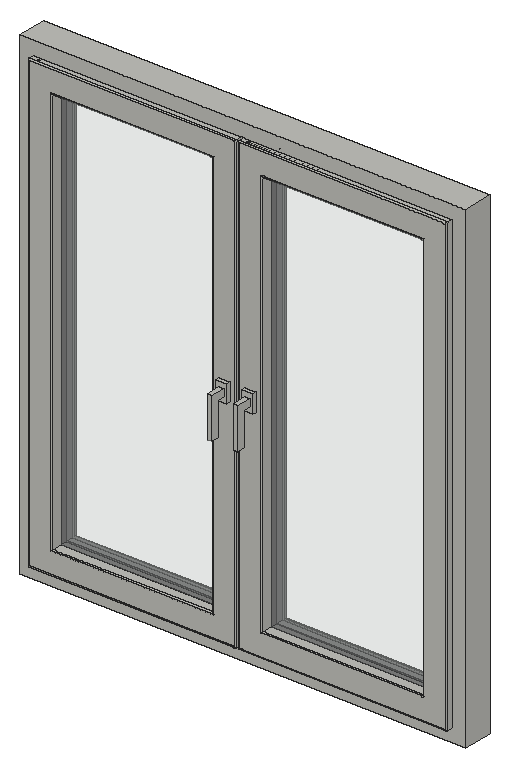
Revit family "2021_ES_Ventana_Replus_E80-PVC-i30_11204_2 Hojas Oscilobatientes", category Ventanas, Revit 2021
Family settings
  Anfitrión = Muro
  Número OmniClass = 23.30.20.00
  Título OmniClass = Windows
  Siempre vertical = Sí
  Corte con vacíos al cargar = No
  Compartido = No
  Punto de cálculo de habitación = No
Parameters (values of type "11204")
  Ι_Wll Thcknss [instance] = 200.000 mm
  Ι_Wdth Cntrl = if(Anchura < 791.000 mm, 791.000 mm, if(Anchura > 2961.000 mm, 2961.000 mm, Anchura))  # 1200.000 mm
  Ι_Nst Cntrl [instance] = if(Retranqueo > Ι_Wll Thcknss - 80.000 mm, Ι_Wll Thcknss - 80.000 mm, if(Retranqueo = Ι_Wll Thcknss - 80.000 mm, Ι_Wll Thcknss - 80.000 mm, Retranqueo))  # 0.000 mm
  Ι_Hndl Hght Cntrl = if(Altura de Manilla < 200.000 mm, 200.000 mm, if(Altura de Manilla > Ι_Hght Cntrl - 150.000 mm, Ι_Hght Cntrl - 150.000 mm, Altura de Manilla))  # 650.000 mm
  Ι_Hght Cntrl = if(Altura < 429.000 mm, 429.000 mm, if(Altura > 2658.000 mm, 2658.000 mm, Altura))  # 1300.000 mm
  Zona = ""
  Visibilidad Líneas Apertura - Planta = yes
  Visibilidad Líneas Apertura - Alzado = yes
  Vida Util Esperada = ""
  Version Estandar GDO-BIM = "GDO-BIM V02"  # constant formula
  Version = "RVT2021"  # constant formula
  Verano de transmitancia termica = 0
  Unidad Medicion = ""
  Unidad = ""
  Uniclass2015 Titulo = ""
  Uniclass2015 Codigo = ""
  URL de Declaracion de Prestaciones = ""
  URL Producto = "https://replus.es/bim/"
  URL Perfil BIM = "https://bimetica.com/es/objeto-bim-replus-ventana-re80-pvc-i30-2-hojas-oscilobatientes-11109.html"
  URL = "https://replus.es/"
  UNSPSC Titulo = "Windows"  # constant formula
  UNSPSC Codigo = "30171600"  # constant formula
  Transmitancia termica invierno = 0
  Transmitancia solar = 0
  Transmitancia de ganancia de calor solar = 0
  Transmision de luz visible = 0
  Titular = "Regicarp, S.L."  # constant formula
  Tipo Embalaje Proteccion = ""
  Tiene antepecho interno = yes
  Tiene antepecho externo = yes
  Tiempo Util De Vida = ""
  Tiempo Medio Entre Fallos = ""
  Telefono Contacto = "+34 966544310"  # constant formula
  Soporte tecnico BIM = "https://bimsupport.info/es/fabricantes/regicarp-replus-bim/"
  Sistema = ""
  Serie = ""
  Responsable Seguridad = ""
  Responsable Prescripcion = ""
  Responsable Compra = ""
  Residuos Peligrosos por Unidad = 0
  Residuos No Peligrosos por Unidad = 0
  Residuo Radioactivo por Unidad = 0
  Residuo Inerte por Unidad = 0
  Reflectancia solar = 0
  Reflectancia de luz visible = 0
  Referencia Unidad Funcional = ""
  Referencia Lote = ""
  Referencia Contacto Soporte Tecnico = ""
  Referencia Contacto Comercial Venta = ""
  Referencia = "RE 80/PVC/i30"
  Punto de Contacto = ""
  Proteccion con Malla = yes
  Plataforma descaga contenido BIM = "www.bimetica.com"
  Periodo Garantia = ""
  Partida URL = ""
  Pais de Venta = ""
  Omniclass Titulo = "Plastic Windows"  # constant formula
  Omniclass Codigo = "23-17 13 17"  # constant formula
  Numero de Licencia = "XXXXXXXXXX9500 / No-aportada por bimboject AB (anterior)"  # constant formula
  Numero de Declaracion de Prestaciones = ""
  Numero Serie = ""
  Numero Articulo Global Comercial = ""
  Numero Articulo = ""
  Nivel de Riesgo = ""
  Material Envoltura = ""
  Material Contenedor = ""
  Material = none
  Masterformat Titulo = "Plastic Windows"  # constant formula
  Masterformat Codigo = "08 53 00"  # constant formula
  Marcado CE = yes
  Mantenimiento = ""
  Lugar Ensamblaje = ""
  Instrucciones Especiales = ""
  Informacion Tecnica = ""
  IfcExportType = "Oscilobatiente"  # constant formula
  IfcExportAs = "IfcWindow"  # constant formula
  Identificador Garantia = ""
  Historial = "(RVT2021) Creacion de Elemento."  # constant formula
  Gubimclass Titulo = "Ventanas de fachadas"  # constant formula
  Gubimclass Codigo = "30.10.20.10"  # constant formula
  Gas de Relleno = ""
  Garantia Extendida = yes
  Fuente Datos LCA = ""
  Formacion Fotoquimica Ozono por Unidad = 0
  Fecha Vencimiento Elemento BIM = ""
  Fecha Suministro = ""
  Fecha Inicio Garantia = ""
  Fecha Fin Garantia = ""
  Fecha Evaluacion = ""
  Fecha Emision Elemento BIM = ""
  Fecha Compra = ""
  Fecha Colocacion = ""
  Fase Ciclo Vida = ""
  Falta de Recursos por Unidad = 0
  Exclusiones = ""
  Eutrofizacion por Unidad = 0
  Etiqueta Modelo = ""
  Estandar seguridad = ""
  Espesor de vidrio 3 = 0.000 mm
  Espesor de vidrio 2 = 0.000 mm
  Espesor de vidrio 1 = 0.000 mm
  Espacio libre acceso = 0.000 mm
  Espacio = ""
  Es templado = yes
  Es recubierto = yes
  Es laminado = yes
  Es Exterior = yes
  Es Accesible = yes
  Energia consumida = 0
  Energia Renovable Consumida por Unidad = 0
  Energia Primaria Total Consumida por Unidad = 0
  Energia No Renovable Consumida por Unidad = 0
  Email Contacto = "info@replus.es"  # constant formula
  Destruccion Capa Ozono Estratosferica por Unidad = 0
  Descripcion Evaluacion = ""
  Dependiente De = ""
  Declaracion Ambiental de Producto URL = ""
  Creditos LEED = ""
  Creditos BREEAM = ""
  Coste Mantenimiento = 0
  Contenido Garantia = ""
  Contacto = ""
  Condiciones de Venta = ""
  Condiciones Evaluacion = ""
  Color de vidrio = ""
  Coeficiente de sombreado = 0
  Codigo Barras = ""
  Codigo = ""
  Clasificacion de carga de viento = ""
  Capas de vidrio = 0
  Cambio Climatico por Unidad = 0
  COBie Categoria = "IfcWindow"
  Base Precio Producto 03 = ""
  Base Precio Producto 02 = ""
  Base Precio Producto 01 = ""
  Autor = "Bimetica Parametric Design Services S.L. (actual) / bimobject AB (anterior)"
  Ano Produccion = ""
  Anchura aproximada = Ι_Wdth Cntrl + 2 * Hueco  # 1220.000 mm
  Altura minima requerida = 0.000 mm
  Altura aproximada = Ι_Hght Cntrl + 2 * Hueco  # 1320.000 mm
  Retranqueo [instance] = 0.000 mm
  Product Material = PVC - Replus - 9152 - White
  Modelo = "11204"
  Material secondary = "Glass"
  Material main = "PVC"
  Fabricante = "Replus"
  Nota clave = "08500"
  I_Lf_Cntrl = (Ι_Wdth Cntrl - 2.000 mm * 36.8 - 6.000 mm) / 2  # 560.200 mm
  I_Glss_Wdth = (Ι_Wdth Cntrl - 2.000 mm * 36.8 - 6.000 mm) / 2 - (79.000 mm * 2)  # 402.200 mm
  Hueco = 10.000 mm
  Altura = 1300.000 mm
  Exceso Dimensiones = or(and(Altura < 429.000 mm, Advertencia Dimensión), and(Anchura < 791.000 mm, Advertencia Dimensión), and(Anchura > 2961.000 mm, Advertencia Dimensión), and(Altura > 2658.000 mm, Advertencia Dimensión))  # no
  Edition number = 1
  Descripción = "Perfiles de hoja oculta en PVC, mejorando sustancialmente el campo visual, con triple junta (mediante junta rigida en el marco) protegiendo de esta manera todos los puntos de cierre, aumentando la seguridad y proporcionando una junta perimetral completa, con perfilería de clasificación máxima S-II-A"
  Default Sill Height = 800.000 mm
  Cierre de muro = Por anfitrión
  Anchura = 1200.000 mm
  Código de montaje = "B2020100"
  Construcción analítica = "<None>"
  Altura de Manilla = 650.000 mm
  Agua Consumida por Unidad = 0
  Advertencia Dimensión = yes
  Acidificacion Atmosferica por Unidad = 0
  Acabado = ""
  Absorcion solar = 0
Reference planes
  plane 1 "Center (Front/Back)": y = 0
  plane 2 "Center (Left/Right)": x = 0
  plane 3 "Left": x = -610
  plane 4 "Right": x = 610
  plane 5 "Sill": z = 800
  plane 6 "Head": z = 2120
  plane 7 "Exterior": y = 100
  plane 8 "Interior": y = -100
  plane 9: x = -600
  plane 10: x = 600
  plane 11: z = 2110
  plane 12: z = 810
  plane 13 "Inset": y = -20
  plane 14: x = -563.2
  plane 15: x = 563.2
  plane 16: z = 2073.2
  plane 17: z = 846.8
  plane 18 "fg": x = -503.2
  plane 19 "glass": y = -42.5
  plane 20: y = -46.5
  plane 21: y = -64.5
  plane 22: y = -68.5
  plane 23: y = -86.5
  plane 24: y = -90.5
  plane 25: x = 503.2
  plane 26 "fg2": z = 2025.2
  plane 27: z = 894.8
  plane 28: x = -3
  plane 29: x = 3
  plane 30: x = 63
  plane 31: x = -63
  plane 32: x = -35
  plane 33: x = 35
  plane 34: x = -300
  plane 35: x = 300
  plane 36: z = 1460
  plane 37: y = -53
  plane 38: y = -104.304
  plane 39: y = 500
  plane 40: y = -100
  plane 41: x = -46
  plane 42: x = 46
  plane 43: x = -520.2
  plane 44: x = 520.2
  plane 45: z = 2030.2
  plane 46: z = 889.8
  plane 47: z = 2009.2
  plane 48: z = 910.8
  plane 49: x = -499.2
  plane 50: x = -67
  plane 51: x = 67
  plane 52: x = 499.2
  plane 53: y = -38.5
  plane 54: y = -118.5
  plane 55 "C": y = -78.5
  plane 56 "fg3": x = -515.2
  plane 57 "5": x = -51
  plane 58 "3": x = -509.2
  plane 59 "1": z = 900.8
  plane 60 "2": z = 2019.2
  plane 61 "4": x = -57
  plane 62: x = 51
  plane 63: x = 515.2
  plane 64: x = 57
  plane 65: x = 509.2
Forms (mm)
  Sweep 1, solid, material "PVC - Replus - 9152 - White" <- "Product Material", detail levels fine
    path origin (0, -20, 0) x (-1, 0, 0) y (0, 0, 1)
      loop
        line (600, 2110) -> (-600, 2110) -> (-600, 810) -> (600, 810) -> (600, 2110)
    profile origin (-600, -20, 1460) x (1, 0, 0) y (0, 1, 0)
      loop
        line (0, -80) -> (43.8, -80)
        arc (43.8, -80) -> (44.507, -79.707) -> (44.8, -79) r 1
        line (44.8, -79) -> (44.8, -38) -> (63.811, -38) -> (63.811, -18.5) -> (75.767, -18.5)
        arc (75.767, -18.5) -> (76.56, -18.109) -> (76.733, -17.241) r 1
        line (76.733, -17.241) -> (72.709, -2.224)
        arc (72.709, -2.224) -> (71.637, -0.62) -> (69.811, 0) r 3
        line (69.811, 0) -> (0, 0) -> (0, -80)
  Extrusion 2, solid, material "Glass - Replus", detail levels fine
    sketch origin (0, 0, 0) x (1, 0, 0) y (0, 1, 0)
      loop
        line (-515.2, -42.5) -> (-515.2, -46.5) -> (-51, -46.5) -> (-51, -42.5) -> (-515.2, -42.5)
      loop
        line (-515.2, -64.5) -> (-515.2, -68.5) -> (-51, -68.5) -> (-51, -64.5) -> (-515.2, -64.5)
      loop
        line (-515.2, -86.5) -> (-515.2, -90.5) -> (-51, -90.5) -> (-51, -86.5) -> (-515.2, -86.5)
      loop
        line (51, -42.5) -> (51, -46.5) -> (515.2, -46.5) -> (515.2, -42.5) -> (51, -42.5)
      loop
        line (51, -64.5) -> (51, -68.5) -> (515.2, -68.5) -> (515.2, -64.5) -> (51, -64.5)
      loop
        line (51, -86.5) -> (51, -90.5) -> (515.2, -90.5) -> (515.2, -86.5) -> (51, -86.5)
    from 894.8 to 2025.2
  Sweep 3, solid, material "PVC - Replus - 9152 - White" <- "Product Material", detail levels fine
    path origin (0, -20, 0) x (-1, 0, 0) y (0, 0, 1)
      loop
        line (0, 2073.2) -> (0, 846.8)
    profile "Profile 05 - Inversora : Profile 05 - Inversora" origin (0, -20, 1460) x (-1, 0, 0) y (0, 1, 0)
      loop
        line (36.791, 0) -> (-38.492, 0)
        arc (-38.492, 0) -> (-39.937, -0.49) -> (-40.784, -1.758) r 2.372
        line (-40.784, -1.758) -> (-45.27, -18.5) -> (-35.296, -18.5) -> (-19.158, -18.5) -> (-19.158, -28.799) -> (-35.094, -38) -> (-10.996, -38) -> (-10.996, -58.9) -> (-8.796, -58.9) -> (-8.796, -60.9) -> (-5.696, -60.9) -> (-5.696, -59.85) -> (0.504, -59.85) -> (0.504, -74.15) -> (-6.296, -74.15) -> (-6.296, -73.1) -> (-8.796, -73.1) -> (-8.796, -75.1) -> (-10.996, -75.1) -> (-10.996, -79.5)
        arc (-10.996, -79.5) -> (-10.85, -79.854) -> (-10.496, -80) r 0.5
        line (-10.496, -80) -> (22.004, -80) -> (22.004, -79) -> (22.004, -56.25) -> (22.004, -38) -> (33.504, -38)
        arc (33.504, -38) -> (33.857, -37.854) -> (34.004, -37.5) r 0.5
        line (34.004, -37.5) -> (34.004, -20.5) -> (34.004, -18.5) -> (43.47, -18.5) -> (38.958, -1.663)
        arc (38.958, -1.663) -> (38.157, -0.464) -> (36.791, 0) r 2.243
  Sweep 4, solid, material "PVC - Replus - 9152 - White" <- "Product Material", detail levels fine
    path origin (0, -20, 0) x (-1, 0, 0) y (0, 0, 1)
      loop
        line (-563.2, 2073.2) -> (-563.2, 846.8) -> (-3, 846.8) -> (-3, 2073.2) -> (-563.2, 2073.2)
    profile origin (3, -20, 1460) x (0, 1, 0) y (-1, 0, 0)
      loop
        line (-32.5, -33) -> (-42, -33) -> (-42, -27.5) -> (-42, -20) -> (-80, -20) -> (-80, -7.5) -> (-80, 0) -> (-95.5, 0)
        arc (-95.5, 0) -> (-97.621, -0.879) -> (-98.5, -3) r 3
        line (-98.5, -3) -> (-98.5, -61)
        arc (-98.5, -61) -> (-97.621, -63.121) -> (-95.5, -64) r 3
        line (-95.5, -64) -> (-70.5, -64) -> (-70.5, -43) -> (-22.5, -43) -> (-22.5, -40.495) -> (-22.5, -33) -> (-32.5, -33)
  Sweep 5, solid, material "PVC - Replus - 9152 - White" <- "Product Material", detail levels fine
    path origin (0, -20, 0) x (-1, 0, 0) y (0, 0, 1)
      loop
        line (563.2, 2073.2) -> (3, 2073.2) -> (3, 846.8) -> (563.2, 846.8) -> (563.2, 2073.2)
    profile origin (-563.2, -20, 1460) x (1, 0, 0) y (0, 1, 0)
      loop
        line (33, -32.5) -> (33, -42) -> (27.5, -42) -> (20, -42) -> (20, -80) -> (7.5, -80) -> (0, -80) -> (0, -95.5)
        arc (0, -95.5) -> (0.879, -97.621) -> (3, -98.5) r 3
        line (3, -98.5) -> (61, -98.5)
        arc (61, -98.5) -> (63.121, -97.621) -> (64, -95.5) r 3
        line (64, -95.5) -> (64, -70.5) -> (43, -70.5) -> (43, -22.5) -> (40.495, -22.5) -> (33, -22.5) -> (33, -32.5)
  Sweep 6, solid, material "PVC - Replus - 9152 - White" <- "Product Material", detail levels medium
    path origin (0, -20, 0) x (-1, 0, 0) y (0, 0, 1)
      loop
        line (0, 846.8) -> (0, 2073.2)
    profile origin (0, -20, 1460) x (1, 0, 0) y (0, 1, 0)
      loop
        line (-43.202, 0) -> (-43.202, -18.5) -> (-36, -18.5) -> (-36, -19.5) -> (-36, -42) -> (-23.004, -42) -> (-23.004, -80) -> (23, -80) -> (23, -58.9) -> (23, -42) -> (36, -42) -> (36, -38.377) -> (36, -18.5) -> (41.196, -18.5) -> (44.198, -18.5) -> (44.198, 0) -> (-43.202, 0)
  Sweep 7, solid, material "PVC - Replus - 9152 - White" <- "Product Material", detail levels medium
    path origin (0, -20, 0) x (-1, 0, 0) y (0, 0, 1)
      loop
        line (600, 2110) -> (-600, 2110) -> (-600, 810) -> (600, 810) -> (600, 2110)
    profile origin (-600, -20, 1460) x (1, 0, 0) y (0, 1, 0)
      loop
        line (0, -80) -> (56.8, -80) -> (56.8, -42) -> (69.8, -42) -> (69.8, -18.5) -> (76.662, -18.5) -> (76.662, 0) -> (0, 0) -> (0, -80)
  Sweep 8, solid, material "PVC - Replus - 9152 - White" <- "Product Material", detail levels medium
    path origin (0, -20, 0) x (-1, 0, 0) y (0, 0, 1)
      loop
        line (563.2, 2073.2) -> (3, 2073.2) -> (3, 846.8) -> (563.2, 846.8) -> (563.2, 2073.2)
    profile origin (-563.2, -20, 1460) x (1, 0, 0) y (0, 1, 0)
      loop
        line (20, -42) -> (20, -80) -> (0, -80) -> (0, -98.5) -> (64, -98.5) -> (64, -70.5) -> (43, -70.5) -> (43, -22.5) -> (33, -22.5) -> (33, -42) -> (20, -42)
  Sweep 9, solid, material "PVC - Replus - 9152 - White" <- "Product Material", detail levels medium
    path origin (0, -20, 0) x (-1, 0, 0) y (0, 0, 1)
      loop
        line (-3, 2073.2) -> (-563.2, 2073.2) -> (-563.2, 846.8) -> (-3, 846.8) -> (-3, 2073.2)
    profile origin (3, -20, 1460) x (1, 0, 0) y (0, 1, 0)
      loop
        line (20, -42) -> (20, -80) -> (0, -80) -> (0, -98.5) -> (64, -98.5) -> (64, -70.5) -> (43, -70.5) -> (43, -22.5) -> (33, -22.5) -> (33, -42) -> (20, -42)
  Sweep 10, solid, material "PVC - Replus - 9152 - White" <- "Product Material", detail levels coarse
    path origin (0, -20, 0) x (-1, 0, 0) y (0, 0, 1)
      loop
        line (600, 2110) -> (-600, 2110) -> (-600, 810) -> (600, 810) -> (600, 2110)
    profile origin (-600, -20, 1460) x (1, 0, 0) y (0, 1, 0)
      loop
        line (0, -80) -> (56.8, -80) -> (56.8, -18.5) -> (76.662, -18.5) -> (76.662, 0) -> (0, 0) -> (0, -80)
  Sweep 11, solid, material "PVC - Replus - 9152 - White" <- "Product Material", detail levels coarse
    path origin (0, -20, 0) x (-1, 0, 0) y (0, 0, 1)
      loop
        line (563.2, 2073.2) -> (3, 2073.2) -> (3, 846.8) -> (563.2, 846.8) -> (563.2, 2073.2)
    profile origin (-563.2, -20, 1460) x (1, 0, 0) y (0, 1, 0)
      loop
        line (20, -75.1) -> (20, -80) -> (7.5, -80) -> (0, -80) -> (0, -98.5) -> (64, -98.5) -> (64, -18.5) -> (43, -18.5) -> (40.495, -18.5) -> (20, -18.5) -> (20, -75.1)
  Sweep 12, solid, material "PVC - Replus - 9152 - White" <- "Product Material", detail levels coarse
    path origin (0, -20, 0) x (-1, 0, 0) y (0, 0, 1)
      loop
        line (-3, 2073.2) -> (-563.2, 2073.2) -> (-563.2, 846.8) -> (-3, 846.8) -> (-3, 2073.2)
    profile origin (3, -20, 1460) x (1, 0, 0) y (0, 1, 0)
      loop
        line (20, -75.1) -> (20, -80) -> (7.5, -80) -> (0, -80) -> (0, -98.5) -> (64, -98.5) -> (64, -18.5) -> (43, -18.5) -> (40.495, -18.5) -> (20, -18.5) -> (20, -75.1)
  Extrusion 13, solid, material "Glass - Replus", detail levels medium
    sketch origin (0, 0, 0) x (1, 0, 0) y (0, 1, 0)
      loop
        line (-520.2, -42.5) -> (-520.2, -90.5) -> (-46, -90.5) -> (-46, -42.5) -> (-520.2, -42.5)
      loop
        line (520.2, -42.5) -> (46, -42.5) -> (46, -90.5) -> (520.2, -90.5) -> (520.2, -42.5)
    from 889.8 to 2030.2
  Sweep 14, solid, material "PVC - Replus - 9152 - White" <- "Product Material", detail levels coarse
    path origin (0, -20, 0) x (-1, 0, 0) y (0, 0, 1)
      loop
        line (0, 846.8) -> (0, 2073.2)
    profile origin (0, -20, 1460) x (1, 0, 0) y (0, 1, 0)
      loop
        line (-43.206, 0) -> (-43.206, -18.5) -> (-23.004, -18.5) -> (-23.004, -80) -> (22.996, -80) -> (22.996, -18.5) -> (41.192, -18.5) -> (44.194, -18.5) -> (44.194, 0) -> (-43.206, 0)
  Extrusion 15, solid, material "Glass - Replus", detail levels coarse
    sketch origin (0, 0, 0) x (1, 0, 0) y (0, 1, 0)
      loop
        line (-499.2, -38.5) -> (-499.2, -118.5) -> (-67, -118.5) -> (-67, -38.5) -> (-499.2, -38.5)
      loop
        line (67, -38.5) -> (67, -118.5) -> (499.2, -118.5) -> (499.2, -38.5) -> (67, -38.5)
    from 910.8 to 2009.2
  Sweep 16, solid, material "Rubber - Replus - Black", detail levels fine
    path origin (0, -20, 0) x (-1, 0, 0) y (0, 0, 1)
      loop
        line (509.2, 2019.2) -> (57, 2019.2) -> (57, 900.8) -> (509.2, 900.8) -> (509.2, 2019.2)
    profile origin (-509.2, -20, 1460) x (1, 0, 0) y (0, 1, 0)
      loop
        line (0, -26.5) -> (0, -44.5) -> (6, -44.5) -> (6, -26.5) -> (0, -26.5)
      loop
        line (0, -48.5) -> (0, -66.5) -> (6, -66.5) -> (6, -48.5) -> (0, -48.5)
  Sweep 17, solid, material "Rubber - Replus - Black", detail levels medium+fine
    path origin (0, -20, 0) x (-1, 0, 0) y (0, 0, 1)
      loop
        line (520.2, 2030.2) -> (46, 2030.2) -> (46, 889.8) -> (520.2, 889.8) -> (520.2, 2030.2)
    profile origin (-520.2, -20, 1460) x (1, 0, 0) y (0, 1, 0)
      loop
        line (-10, -18.5) -> (-10, -22.5) -> (21, -22.5) -> (21, -18.5) -> (-10, -18.5)
  Sweep 18, solid, material "Rubber - Replus - Black", detail levels medium+fine
    path origin (566.2, -20, 0) x (-1, 0, 0) y (0, 0, 1)
      loop
        line (520.2, 2030.2) -> (46, 2030.2) -> (46, 889.8) -> (520.2, 889.8) -> (520.2, 2030.2)
    profile origin (46, -20, 1460) x (1, 0, 0) y (0, 1, 0)
      loop
        line (-10, -18.5) -> (-10, -22.5) -> (21, -22.5) -> (21, -18.5) -> (-10, -18.5)
  Sweep 19, solid, material "Rubber - Replus - Black", detail levels fine
    path origin (566.2, -20, 0) x (-1, 0, 0) y (0, 0, 1)
      loop
        line (509.2, 2019.2) -> (57, 2019.2) -> (57, 900.8) -> (509.2, 900.8) -> (509.2, 2019.2)
    profile origin (57, -20, 1460) x (1, 0, 0) y (0, 1, 0)
      loop
        line (0, -26.5) -> (0, -44.5) -> (6, -44.5) -> (6, -26.5) -> (0, -26.5)
      loop
        line (0, -48.5) -> (0, -66.5) -> (6, -66.5) -> (6, -48.5) -> (0, -48.5)
Cuts and joins
  joined: Sweep 6, Sweep 7
  joined: Sweep 10, Sweep 14
  joined: Sweep 1, Sweep 3
Lines and regions (mm)
  Opening 1
    outline origin (3500, -100, 0) x (1, 0, 0) y (0, 0, 1)
      loop
        line (-2890, 800) -> (-2890, 2120) -> (-4110, 2120) -> (-4110, 800) -> (-2890, 800)
  symbolic lines, style "Symbolic Lines Replus", visible <- "Visibilidad Líneas Apertura - Alzado"
    curve 1: line (-300, -20, 2009.2) -> (-499.2, -20, 910.8)
    curve 2: line (-300, -20, 2009.2) -> (-67, -20, 910.8)
    curve 3: line (-67, -20, 1460) -> (-499.2, -20, 2009.2)
    curve 4: line (-67, -20, 1460) -> (-499.2, -20, 910.8)
    curve 5: line (300, -20, 2009.218) -> (67, -20, 910.8)
    curve 6: line (300, -20, 2009.218) -> (499.2, -20, 910.8)
    curve 7: line (67, -20, 1460) -> (499.2, -20, 2009.2)
    curve 8: line (67, -20, 1460) -> (499.2, -20, 910.8)
  symbolic lines, detail levels coarse
    curve 9: line (499.2, -78.5, 0) -> (67, -78.5, 0)
    curve 10: line (-499.2, -78.5, 0) -> (-67, -78.5, 0)
    curve 11: line (-610, -78.5, 2009.2) -> (-610, -78.5, 910.8)
  symbolic lines, visible <- "Visibilidad Líneas Apertura - Planta"
    curve 12: line (-563.2, -118.5, 0) -> (-563.2, -678.604, 0)
    curve 13: arc (-563.2, -678.604, 0) -> (-167.113, -514.559, 0) -> (-3, -118.5, 0) r 560.2
    curve 14: line (563.2, -118.5, 0) -> (563.2, -678.604, 0)
    curve 15: arc (563.2, -678.604, 0) -> (167.113, -514.559, 0) -> (3, -118.5, 0) r 560.2
  model lines, style "Symbolic Lines Replus", visible <- "Visibilidad Líneas Apertura - Alzado"
    curve 16: line (-300, -42.5, 2009.2) -> (-499.2, -42.5, 910.8)
    curve 17: line (-67, -42.5, 910.8) -> (-300, -42.5, 2009.2)
    curve 18: line (-67, -42.5, 1460) -> (-499.2, -42.5, 2009.2)
    curve 19: line (-67, -42.5, 1460) -> (-499.2, -42.5, 910.8)
    curve 20: line (300, -42.5, 2009.2) -> (67, -42.5, 910.8)
    curve 21: line (499.2, -42.5, 910.8) -> (300, -42.5, 2009.2)
    curve 22: line (67, -42.5, 1460) -> (499.2, -42.5, 2009.2)
    curve 23: line (67, -42.5, 1460) -> (499.2, -42.5, 910.8)
Text (mm)
  text "EXTERIOR" at (-1963.203, 1332.353, 0), in view "Ref. Level"
  text "INTERIOR" at (-1981.466, -818.386, 0), in view "Ref. Level"
  text "Exterior" at (0, 923.751, 2943.296), in view "Right"
  text "Exterior" at (0, 1040.484, 2685.409), in view "Left"
Dimensions and locks
  equal spacing: plane 3 "Left", plane 2 "Center (Left/Right)", plane 4 "Right"
  "Ι_Wdth Cntrl": plane 9 to plane 10
  "Ι_Hght Cntrl": plane 12 to plane 11
  "Default Sill Height": plane 5 "Sill" to level
  locked: plane 7 "Exterior" to host wall
  locked: plane 8 "Interior" to host wall
  "Hueco": plane 3 "Left" to plane 9
  "Hueco": plane 10 to plane 4 "Right"
  "Hueco": plane 12 to plane 5 "Sill"
  "Hueco": plane 6 "Head" to plane 11
  locked: plane 9 to plane 14 at 36.8
  locked: plane 15 to plane 10 at 36.8
  locked: plane 14 to plane 18 "fg" at 60
  plane 13 "Inset" to plane 19 "glass" to plane 20 to plane 21 to plane 22 to plane 23 to plane 24 = 22.500 mm, 4.000 mm, 18.000 mm, 4.000 mm, 18.000 mm, 4.000 mm
  locked: plane 25 to plane 15 at 60
  plane 28 to plane 2 "Center (Left/Right)" to plane 29 = 3.000 mm locked, 3.000 mm locked
  locked: plane 29 to plane 30 at 60
  locked: plane 31 to plane 28 at 60
  locked: plane 2 "Center (Left/Right)" to plane 33 at 35
  locked: plane 32 to plane 2 "Center (Left/Right)" at 35
  plane 11 to plane 12 = 1300.000 mm
  equal spacing: plane 9, plane 34, plane 2 "Center (Left/Right)"
  equal spacing: plane 10, plane 35, plane 2 "Center (Left/Right)"
  "Ι_Wll Thcknss": host wall to host wall
  plane 38 to plane 37 to plane 13 "Inset" = 51.304 mm, 33.000 mm
  locked: plane 39 to plane 7 "Exterior" at 400
  "Ι_Hndl Hght Cntrl": plane 36 to plane 12
  plane 40 to plane 24 = 9.500 mm
  "Ι_Nst Cntrl": plane 8 "Interior" to plane 40
  plane 13 "Inset" to plane 53 to plane 54 = 18.500 mm locked, 80.000 mm locked
  locked: plane 54 to plane 55 "C" at 40
  plane 43 to plane 56 "fg3" to plane 58 "3" to plane 18 "fg" to plane 49 = 5.000 mm locked, 6.000 mm locked, 6.000 mm locked, 4.000 mm locked
  plane 48 to plane 59 "1" to plane 27 to plane 46 to plane 17 to plane 12 = 10.000 mm locked, 6.000 mm locked, 5.000 mm locked, 43.000 mm locked, 36.800 mm locked
  plane 11 to plane 16 to plane 45 to plane 26 "fg2" to plane 60 "2" to plane 47 = 36.800 mm locked, 43.000 mm locked, 5.000 mm locked, 6.000 mm locked, 10.000 mm locked
  plane 50 to plane 31 to plane 61 "4" to plane 57 "5" to plane 41 = 4.000 mm locked, 6.000 mm locked, 6.000 mm locked, 5.000 mm locked
  plane 42 to plane 62 to plane 64 to plane 30 to plane 51 = 5.000 mm locked, 6.000 mm locked, 6.000 mm locked, 4.000 mm locked
  plane 52 to plane 25 to plane 65 to plane 63 to plane 44 = 4.000 mm locked, 6.000 mm locked, 6.000 mm locked, 5.000 mm locked
  "I_Lf_Cntrl": radius of curve 15
  "I_Lf_Cntrl": radius of curve 13
  aligned and locked: Sweep 1 sketch curve to plane 11
  aligned and locked: Sweep 1 sketch curve to plane 10
  aligned and locked: plane 9 to Sweep 1 sketch curve
  aligned and locked: plane 12 to Sweep 1 sketch curve
  aligned and locked: plane 19 "glass" to Extrusion 2 sketch curve  (x2)
  aligned and locked: Extrusion 2 sketch curve to plane 20  (x2)
  aligned and locked: plane 21 to Extrusion 2 sketch curve  (x2)
  aligned and locked: Extrusion 2 sketch curve to plane 22  (x2)
  aligned and locked: plane 23 to Extrusion 2 sketch curve  (x2)
  aligned and locked: Extrusion 2 sketch curve to plane 24  (x2)
  aligned and locked: plane 26 "fg2" to Extrusion 2
  aligned and locked: Extrusion 2 to plane 27
  aligned and locked: plane 2 "Center (Left/Right)" to Sweep 3 sketch curve  (x2)
  aligned and locked: Sweep 4 sketch curve to plane 16
  aligned and locked: plane 15 to Sweep 4 sketch curve
  aligned and locked: plane 29 to Sweep 4 sketch curve
  aligned and locked: plane 17 to Sweep 4 sketch curve
  aligned and locked: plane 28 to Sweep 5 sketch curve
  aligned and locked: Sweep 5 sketch curve to plane 16
  aligned and locked: plane 14 to Sweep 5 sketch curve
  aligned and locked: plane 17 to Sweep 5 sketch curve
  aligned and locked: plane 2 "Center (Left/Right)" to Sweep 6 sketch curve  (x2)
  aligned and locked: Sweep 7 sketch curve to plane 10
  aligned and locked: plane 9 to Sweep 7 sketch curve
  aligned and locked: plane 12 to Sweep 7 sketch curve
  aligned and locked: Sweep 7 sketch curve to plane 11
  aligned and locked: Sweep 8 sketch curve to plane 16
  aligned and locked: plane 14 to Sweep 8 sketch curve
  aligned and locked: plane 28 to Sweep 8 sketch curve
  aligned and locked: plane 17 to Sweep 8 sketch curve
  aligned and locked: Sweep 9 sketch curve to plane 16
  aligned and locked: plane 15 to Sweep 9 sketch curve
  aligned and locked: plane 29 to Sweep 9 sketch curve
  aligned and locked: plane 17 to Sweep 9 sketch curve
  aligned and locked: plane 9 to Sweep 10 sketch curve
  aligned and locked: Sweep 10 sketch curve to plane 11
  aligned and locked: Sweep 10 sketch curve to plane 10
  aligned and locked: plane 12 to Sweep 10 sketch curve
  aligned and locked: Sweep 11 sketch curve to plane 16
  aligned and locked: plane 28 to Sweep 11 sketch curve
  aligned and locked: plane 14 to Sweep 11 sketch curve
  aligned and locked: plane 17 to Sweep 11 sketch curve
  aligned and locked: Sweep 12 sketch curve to plane 16
  aligned and locked: plane 15 to Sweep 12 sketch curve
  aligned and locked: plane 29 to Sweep 12 sketch curve
  aligned and locked: plane 17 to Sweep 12 sketch curve
  aligned and locked: plane 2 "Center (Left/Right)" to Sweep 14 sketch curve  (x2)
  aligned and locked: plane 16 to Sweep 6 sketch curve
  aligned and locked: plane 17 to Sweep 6 sketch curve
  aligned and locked: plane 16 to Sweep 3 sketch curve
  aligned and locked: plane 17 to Sweep 3 sketch curve
  aligned and locked: plane 16 to Sweep 14 sketch curve
  aligned and locked: plane 17 to Sweep 14 sketch curve
  aligned and locked: nested 3 to plane 39
  aligned and locked: nested 3 to plane 2 "Center (Left/Right)"
  aligned and locked: plane 43 to Extrusion 13 sketch curve
  aligned and locked: plane 19 "glass" to Extrusion 13 sketch curve
  aligned and locked: plane 41 to Extrusion 13 sketch curve
  aligned and locked: Extrusion 13 sketch curve to plane 42
  aligned and locked: Extrusion 13 sketch curve to plane 19 "glass"
  aligned and locked: Extrusion 13 sketch curve to plane 44
  aligned and locked: Extrusion 13 to plane 46
  aligned and locked: plane 45 to Extrusion 13
  aligned and locked: plane 49 to Extrusion 15 sketch curve
  aligned and locked: Extrusion 15 sketch curve to plane 54  (x2)
  aligned and locked: plane 53 to Extrusion 15 sketch curve  (x2)
  aligned and locked: plane 50 to Extrusion 15 sketch curve
  aligned and locked: plane 51 to Extrusion 15 sketch curve
  aligned and locked: plane 52 to Extrusion 15 sketch curve
  aligned and locked: plane 47 to Extrusion 15
  aligned and locked: Extrusion 15 to plane 48
  aligned and locked: curve 9 to plane 55 "C"
  aligned and locked: plane 55 "C" to curve 9
  aligned and locked: plane 51 to curve 9
  aligned and locked: plane 52 to curve 9
  aligned and locked: plane 55 "C" to curve 10  (x2)
  aligned and locked: plane 50 to curve 10
  aligned and locked: plane 49 to curve 10
  aligned and locked: curve 11 to plane 55 "C"
  aligned and locked: plane 55 "C" to curve 11
  aligned and locked: plane 48 to curve 11
  aligned and locked: plane 47 to curve 11
  aligned and locked: plane 47 to curve 7
  aligned and locked: plane 52 to curve 7
  aligned and locked: plane 35 to curve 5
  aligned and locked: plane 52 to curve 6
  aligned and locked: plane 51 to curve 5
  aligned and locked: plane 48 to curve 5
  aligned and locked: plane 48 to Extrusion 15
  aligned and locked: plane 50 to curve 2
  aligned and locked: plane 49 to curve 4
  aligned and locked: plane 48 to curve 1
  aligned and locked: plane 47 to curve 2
  aligned and locked: curve 12 to plane 14
  aligned and locked: plane 54 to curve 12
  aligned and locked: plane 54 to curve 13
  aligned and locked: plane 28 to curve 13
  aligned and locked: plane 54 to curve 14
  aligned and locked: plane 15 to curve 14
  aligned and locked: plane 29 to curve 15
  aligned and locked: plane 36 to curve 19
  aligned and locked: plane 50 to curve 19
  aligned and locked: plane 47 to curve 18
  aligned and locked: plane 49 to curve 18
  aligned and locked: plane 34 to curve 16
  aligned and locked: plane 48 to curve 17
  aligned and locked: plane 50 to curve 17
  aligned and locked: plane 35 to curve 20
  aligned and locked: plane 47 to curve 20
  aligned and locked: plane 51 to curve 20
  aligned and locked: plane 48 to curve 23
  aligned and locked: plane 36 to curve 22
  aligned and locked: plane 51 to curve 23
  aligned and locked: plane 56 "fg3" to Extrusion 2 sketch curve  (x3)
  aligned and locked: plane 57 "5" to Extrusion 2 sketch curve  (x3)
  aligned and locked: Sweep 16 sketch curve to plane 60 "2"
  aligned and locked: plane 58 "3" to Sweep 16 sketch curve
  aligned and locked: plane 61 "4" to Sweep 16 sketch curve
  aligned and locked: plane 59 "1" to Sweep 16 sketch curve
  aligned and locked: nested 1 to plane 36
  aligned and locked: nested 1 to plane 32
  aligned and locked: plane 43 to Sweep 17 sketch curve
  aligned and locked: plane 62 to Extrusion 2 sketch curve  (x3)
  aligned and locked: plane 63 to Extrusion 2 sketch curve  (x3)
  aligned and locked: plane 42 to Sweep 18 sketch curve
  aligned and locked: plane 44 to Sweep 18 sketch curve
  aligned and locked: Sweep 17 sketch curve to plane 45
  aligned and locked: plane 46 to Sweep 17 sketch curve
  aligned and locked: Sweep 18 sketch curve to plane 45
  aligned and locked: plane 46 to Sweep 18 sketch curve
  aligned and locked: plane 33 to nested 2
  aligned and locked: nested 2 to plane 36
  aligned and locked: Sweep 19 sketch curve to plane 60 "2"
  aligned and locked: plane 65 to Sweep 19 sketch curve
  aligned and locked: plane 64 to Sweep 19 sketch curve
  aligned and locked: plane 59 "1" to Sweep 19 sketch curve
  aligned and locked: Extrusion 13 sketch curve to plane 24
  aligned and locked: plane 24 to Extrusion 13 sketch curve
  aligned and locked: plane 41 to Sweep 17 sketch curve
Automatic sketch dimensions
  plane 3 "Left" to Opening 1 sketch curve = 0.000 mm
  plane 4 "Right" to Opening 1 sketch curve = 0.000 mm
  Opening 1 sketch curve to plane 5 "Sill" = 0.000 mm
  Opening 1 sketch curve to plane 6 "Head" = 0.000 mm
  curve 8 to plane 36 = 0.000 mm
  curve 8 to plane 51 = 0.000 mm
  curve 3 to plane 36 = 0.000 mm
  plane 50 to curve 3 = 0.000 mm
  curve 2 to plane 34 = 0.000 mm
  curve 3 to plane 47 = 0.000 mm
  curve 3 to plane 49 = 0.000 mm
  curve 8 to plane 48 = 0.000 mm
  curve 2 to plane 48 = 0.000 mm
  plane 47 to curve 5 = 0.018 mm
  Sweep 1 sketch curve to profile plane = 0.000 mm
  Sweep 1 sketch curve to plane 13 "Inset" = 0.000 mm
  Sweep 1 sketch curve to profile plane = 43.800 mm
  Sweep 1 sketch curve to Sweep 1 sketch curve = 1.000 mm
  Sweep 1 sketch curve to Sweep 1 sketch curve = 19.011 mm
  Sweep 1 sketch curve to Sweep 1 sketch curve = 6.000 mm
  Sweep 1 sketch curve to plane 13 "Inset" = 2.224 mm
  Sweep 1 sketch curve to Sweep 1 sketch curve = 2.898 mm
  Sweep 1 sketch curve to Sweep 1 sketch curve = 11.956 mm
  Sweep 1 sketch curve to plane 13 "Inset" = 17.241 mm
  Sweep 1 sketch curve to Sweep 1 sketch curve = 0.966 mm
  Sweep 1 sketch curve to Sweep 1 sketch curve = 0.259 mm
  Sweep 1 sketch curve to Sweep 1 sketch curve = 19.500 mm
  Sweep 1 sketch curve to Sweep 1 sketch curve = 41.000 mm
  Sweep 7 sketch curve to profile plane = 0.000 mm
  Sweep 7 sketch curve to plane 13 "Inset" = 0.000 mm
  Sweep 7 sketch curve to profile plane = 56.800 mm
  Sweep 7 sketch curve to Sweep 7 sketch curve = 13.000 mm
  Sweep 7 sketch curve to Sweep 7 sketch curve = 6.862 mm
  Sweep 7 sketch curve to plane 13 "Inset" = 18.500 mm
  Sweep 7 sketch curve to Sweep 7 sketch curve = 23.500 mm
  Sweep 7 sketch curve to Sweep 7 sketch curve = 38.000 mm
  Sweep 10 sketch curve to profile plane = 0.000 mm
  Sweep 10 sketch curve to plane 13 "Inset" = 0.000 mm
  Sweep 10 sketch curve to Sweep 10 sketch curve = 56.800 mm
  Sweep 10 sketch curve to Sweep 10 sketch curve = 19.862 mm
  Sweep 10 sketch curve to plane 13 "Inset" = 18.500 mm
  Sweep 10 sketch curve to plane 13 "Inset" = 80.000 mm
  Sweep 5 sketch curve to profile plane = 0.000 mm
  Sweep 5 sketch curve to profile plane = 3.000 mm
  Sweep 5 sketch curve to profile plane = 7.500 mm
  Sweep 5 sketch curve to Sweep 5 sketch curve = 12.500 mm
  Sweep 5 sketch curve to Sweep 5 sketch curve = 7.500 mm
  Sweep 5 sketch curve to Sweep 5 sketch curve = 5.500 mm
  Sweep 5 sketch curve to Sweep 5 sketch curve = 7.495 mm
  Sweep 5 sketch curve to Sweep 5 sketch curve = 23.000 mm
  Sweep 5 sketch curve to Sweep 5 sketch curve = 18.000 mm
  Sweep 5 sketch curve to Sweep 5 sketch curve = 21.000 mm
  Sweep 5 sketch curve to plane 13 "Inset" = 98.500 mm
  Sweep 5 sketch curve to Sweep 5 sketch curve = 15.500 mm
  Sweep 5 sketch curve to Sweep 5 sketch curve = 25.000 mm
  Sweep 5 sketch curve to Sweep 5 sketch curve = 28.500 mm
  Sweep 5 sketch curve to Sweep 5 sketch curve = 9.500 mm
  Sweep 5 sketch curve to Sweep 5 sketch curve = 10.000 mm
  Sweep 8 sketch curve to profile plane = 0.000 mm
  Sweep 8 sketch curve to profile plane = 20.000 mm
  Sweep 8 sketch curve to Sweep 8 sketch curve = 13.000 mm
  Sweep 8 sketch curve to Sweep 8 sketch curve = 23.000 mm
  Sweep 8 sketch curve to Sweep 8 sketch curve = 21.000 mm
  Sweep 8 sketch curve to plane 13 "Inset" = 98.500 mm
  Sweep 8 sketch curve to Sweep 8 sketch curve = 18.500 mm
  Sweep 8 sketch curve to Sweep 8 sketch curve = 9.500 mm
  Sweep 8 sketch curve to Sweep 8 sketch curve = 28.500 mm
  Sweep 8 sketch curve to Sweep 8 sketch curve = 19.500 mm
  Sweep 11 sketch curve to profile plane = 0.000 mm
  Sweep 11 sketch curve to profile plane = 7.500 mm
  Sweep 11 sketch curve to Sweep 11 sketch curve = 12.500 mm
  Sweep 11 sketch curve to Sweep 11 sketch curve = 20.495 mm
  Sweep 11 sketch curve to Sweep 11 sketch curve = 2.505 mm
  Sweep 11 sketch curve to Sweep 11 sketch curve = 21.000 mm
  Sweep 11 sketch curve to plane 13 "Inset" = 98.500 mm
  Sweep 11 sketch curve to Sweep 11 sketch curve = 18.500 mm
  Sweep 11 sketch curve to Sweep 11 sketch curve = 4.900 mm
  Sweep 11 sketch curve to plane 13 "Inset" = 18.500 mm
  Sweep 12 sketch curve to profile plane = 0.000 mm
  Sweep 12 sketch curve to Sweep 12 sketch curve = 7.500 mm
  Sweep 12 sketch curve to Sweep 12 sketch curve = 12.500 mm
  Sweep 12 sketch curve to Sweep 12 sketch curve = 20.495 mm
  Sweep 12 sketch curve to Sweep 12 sketch curve = 2.505 mm
  Sweep 12 sketch curve to Sweep 12 sketch curve = 21.000 mm
  Sweep 12 sketch curve to plane 13 "Inset" = 98.500 mm
  Sweep 12 sketch curve to Sweep 12 sketch curve = 18.500 mm
  Sweep 12 sketch curve to Sweep 12 sketch curve = 4.900 mm
  Sweep 12 sketch curve to plane 13 "Inset" = 18.500 mm
  Sweep 9 sketch curve to profile plane = 0.000 mm
  Sweep 9 sketch curve to Sweep 9 sketch curve = 20.000 mm
  Sweep 9 sketch curve to Sweep 9 sketch curve = 13.000 mm
  Sweep 9 sketch curve to Sweep 9 sketch curve = 23.000 mm
  Sweep 9 sketch curve to Sweep 9 sketch curve = 21.000 mm
  Sweep 9 sketch curve to plane 13 "Inset" = 98.500 mm
  Sweep 9 sketch curve to Sweep 9 sketch curve = 18.500 mm
  Sweep 9 sketch curve to Sweep 9 sketch curve = 9.500 mm
  Sweep 9 sketch curve to Sweep 9 sketch curve = 28.500 mm
  Sweep 9 sketch curve to Sweep 9 sketch curve = 19.500 mm
  Sweep 4 sketch curve to profile plane = 0.000 mm
  Sweep 4 sketch curve to plane 13 "Inset" = 98.500 mm
  Sweep 4 sketch curve to Sweep 4 sketch curve = 3.000 mm  (x2)
  profile plane to Sweep 4 sketch curve = 7.500 mm
  Sweep 4 sketch curve to Sweep 4 sketch curve = 15.500 mm
  Sweep 4 sketch curve to Sweep 4 sketch curve = 25.000 mm
  Sweep 4 sketch curve to Sweep 4 sketch curve = 28.500 mm
  Sweep 4 sketch curve to Sweep 4 sketch curve = 9.500 mm
  Sweep 4 sketch curve to Sweep 4 sketch curve = 10.000 mm
  Sweep 4 sketch curve to Sweep 4 sketch curve = 12.500 mm
  Sweep 4 sketch curve to Sweep 4 sketch curve = 7.500 mm
  Sweep 4 sketch curve to Sweep 4 sketch curve = 5.500 mm
  Sweep 4 sketch curve to Sweep 4 sketch curve = 7.495 mm
  Sweep 4 sketch curve to Sweep 4 sketch curve = 2.505 mm
  Sweep 4 sketch curve to Sweep 4 sketch curve = 18.000 mm
  Sweep 6 sketch curve to plane 13 "Inset" = 0.000 mm
  Sweep 6 sketch curve to plane 13 "Inset" = 18.500 mm  (x2)
  profile plane to Sweep 6 sketch curve = 43.202 mm
  Sweep 6 sketch curve to Sweep 6 sketch curve = 7.202 mm
  Sweep 6 sketch curve to Sweep 6 sketch curve = 12.996 mm
  Sweep 6 sketch curve to profile plane = 23.000 mm
  Sweep 6 sketch curve to Sweep 6 sketch curve = 12.999 mm
  Sweep 6 sketch curve to Sweep 6 sketch curve = 5.197 mm
  Sweep 6 sketch curve to Sweep 6 sketch curve = 3.002 mm
  Sweep 6 sketch curve to Sweep 6 sketch curve = 1.000 mm
  Sweep 6 sketch curve to plane 13 "Inset" = 38.377 mm
  Sweep 6 sketch curve to Sweep 6 sketch curve = 3.623 mm
  Sweep 6 sketch curve to Sweep 6 sketch curve = 22.500 mm
  Sweep 6 sketch curve to Sweep 6 sketch curve = 16.900 mm
  Sweep 6 sketch curve to Sweep 6 sketch curve = 21.100 mm
  Sweep 14 sketch curve to plane 13 "Inset" = 0.000 mm
  profile plane to Sweep 14 sketch curve = 43.206 mm
  profile plane to Sweep 14 sketch curve = 23.004 mm
  Sweep 14 sketch curve to profile plane = 22.996 mm
  Sweep 14 sketch curve to Sweep 14 sketch curve = 18.196 mm
  Sweep 14 sketch curve to Sweep 14 sketch curve = 3.002 mm
  Sweep 14 sketch curve to plane 13 "Inset" = 18.500 mm  (x2)
  Sweep 14 sketch curve to Sweep 14 sketch curve = 61.500 mm
  plane 54 to curve 15 = 0.000 mm
  plane 14 to curve 13 = 0.000 mm
  plane 15 to curve 15 = 0.000 mm
  curve 16 to plane 48 = 0.000 mm
  curve 16 to plane 49 = 0.000 mm
  plane 52 to curve 21 = 0.000 mm
  curve 22 to plane 47 = 0.000 mm
  plane 52 to curve 22 = 0.000 mm
  curve 20 to plane 48 = 0.000 mm
  curve 17 to plane 47 = 0.000 mm
  Sweep 16 sketch curve to profile plane = 0.000 mm  (x2)
  Sweep 16 sketch curve to profile plane = 6.000 mm
  Sweep 16 sketch curve to Sweep 16 sketch curve = 0.000 mm
  Sweep 16 sketch curve to plane 13 "Inset" = 66.500 mm
  Sweep 16 sketch curve to Sweep 16 sketch curve = 18.000 mm  (x2)
  Sweep 16 sketch curve to Sweep 16 sketch curve = 4.000 mm
  profile plane to Sweep 17 sketch curve = 10.000 mm
  Sweep 17 sketch curve to profile plane = 21.000 mm
  Sweep 17 sketch curve to plane 13 "Inset" = 22.500 mm
  Sweep 17 sketch curve to Sweep 17 sketch curve = 4.000 mm
  profile plane to Sweep 18 sketch curve = 10.000 mm
  Sweep 18 sketch curve to profile plane = 21.000 mm
  Sweep 18 sketch curve to plane 13 "Inset" = 22.500 mm
  Sweep 18 sketch curve to Sweep 18 sketch curve = 4.000 mm
  Sweep 19 sketch curve to profile plane = 0.000 mm  (x2)
  Sweep 19 sketch curve to profile plane = 6.000 mm
  Sweep 19 sketch curve to Sweep 19 sketch curve = 0.000 mm
  Sweep 19 sketch curve to plane 13 "Inset" = 66.500 mm
  Sweep 19 sketch curve to Sweep 19 sketch curve = 18.000 mm  (x2)
  Sweep 19 sketch curve to Sweep 19 sketch curve = 4.000 mm
Nested families
  nested 1: "Handle" at (-35, -118.5, 1460) x (1, 0, 0) z (0, -1, 0), type "Handle", detail levels medium+fine
  nested 2: "Handle" at (35, -118.5, 1460) x (1, 0, 0) z (0, -1, 0), type "Handle", detail levels medium+fine
  nested 3: "Dimensions Overconstraint Warning" at (0, 500, 0), visible <- "Exceso Dimensiones", type "Dimensions Overconstraint Warning"
Definition of nested family "Handle"
  Parameters (values of type "Handle")
    Material = none
    Default Elevation = 1219.200 mm
  Reference planes
    plane 1 "Centre (avant/arrière)": y = 0
    plane 2: z = 0
    plane 3 "Centre (gauche/droite)": x = 0
    plane 4: z = 40
    plane 5: y = -100
    plane 6 "Plaque": z = 10
    plane 7: x = -6
  Forms (mm)
    Extrusion 1, solid
      sketch origin (0, 0, 0) x (1, 0, 0) y (0, 1, 0)
        loop
          line (-1219.2, 1219.2) -> (-1219.2, -1219.2) -> (1219.2, -1219.2) -> (1219.2, 1219.2) -> (-1219.2, 1219.2)
      from 0 to -304.8
    Extrusion 2, solid, material <- "Material"
      sketch origin (0, 0, 0) x (1, 0, 0) y (0, 1, 0)
        loop
          line (-14.231, 24.783) -> (-14.231, -24.783) -> (14.231, -24.783) -> (14.231, 24.783) -> (-14.231, 24.783)
      from 0 to 10
    Sweep 3, solid, material <- "Material"
      path origin (0, 0, 0) x (0, 1, 0) y (0, 0, 1)
        loop
          line (0, 10) -> (0, 40) -> (-100, 40)
      profile origin (0, 0, 25) x (0, -1, 0) y (1, 0, 0)
        loop
          line (10, -6) -> (10, 6) -> (-10, 6) -> (-10, -6) -> (10, -6)
  Dimensions and locks
    plane 4 to plane 2 = 40.000 mm
    plane 5 to plane 1 "Centre (avant/arrière)" = 100.000 mm
    equal spacing: Extrusion 2 sketch curve, plane 3 "Centre (gauche/droite)", Extrusion 2 sketch curve
    equal spacing: Extrusion 2 sketch curve, plane 1 "Centre (avant/arrière)", Extrusion 2 sketch curve
    Extrusion 2 sketch curve to Extrusion 2 sketch curve = 28.462 mm
    Extrusion 2 sketch curve to Extrusion 2 sketch curve = 49.566 mm
    locked: plane 7 to plane 3 "Centre (gauche/droite)" at 6
    aligned and locked: plane 2 to Extrusion 1
    aligned and locked: level to Extrusion 1
    aligned and locked: plane 6 "Plaque" to Extrusion 2
    aligned and locked: plane 6 "Plaque" to Sweep 3 sketch curve
    aligned and locked: plane 5 to Sweep 3 sketch curve
    aligned and locked: Sweep 3 sketch curve to plane 4
    aligned and locked: Sweep 3 sketch curve to plane 1 "Centre (avant/arrière)"
Definition of nested family "Dimensions Overconstraint Warning"
  Parameters (values of type "Dimensions Overconstraint Warning")
    Warning = "!"
    W warning = "300<Height<2250"
    Turn off notification = "For other dimensions, please contact K.Line/ Turn off notification"
    Text = "DIMENSIONS OVERCONSTRAINT"
    H warning = "300 mm<Width<1000 mm"
  Reference planes
    plane 1: y = 0
    plane 2: x = 0
  Lines and regions (mm)
    Filled region 1, type "Filled region 1"
      outline origin (0, 0, 0) x (1, 0, 0) y (0, 1, 0)
        loop
          line (0, 4.243) -> (-4.243, 0) -> (0, -4.243) -> (4.243, 0) -> (0, 4.243)
  Text (mm)
    label "!" at (-0.078, 0.428, 0), shows "Warning"
    label "DIMENSION OVERCONSTRAINT" at (1.291, -15.948, 0), shows "Text"
